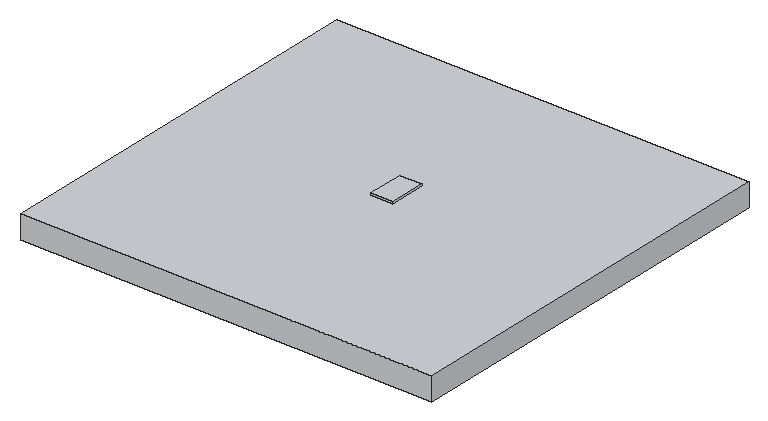
Revit family "3d6122cfb8c344ec91bd7d2b613e762c", category Electrical Fixtures, host Face, Revit 2021
Family settings
  Host = Face
  Maintain Annotation Orientation = Yes
  Round Connector Dimension = Use Diameter
  Part Type = Normal
  OmniClass Number = 23.80.50.11.17
  OmniClass Title = Ground Fault Receptacles
  Seek Item ID = Split Wired Receptacle-0000-USA-ENU
  Cut with Voids When Loaded = No
  Shared = No
  Room Calculation Point = No
Parameters (values of type "Standard")
  Switch Voltage = 120 V
  Load Classification = Receptacle
  Load = 180 VA
  Default Elevation = 1' - 6"
  Assembly Code = ""
Reference planes (in)
  plane 1 "Center (Front/Back)": y = 0
  plane 2: z = 0
  plane 3 "Center (Left/Right)": x = 0
  plane 4: x = -1.375
  plane 5: x = 1.375
  plane 6: x = -0.75
  plane 7: x = 0.75
  plane 8: y = 2.25
  plane 9: y = -2.25
  plane 10: y = 1.5
  plane 11: y = -1.5
  plane 12 "level above": z = 0.1875
  plane 13 "level below": z = -2.125
Forms (in)
  Extrusion 1, solid
    sketch origin (0, 0, 0) x (1, 0, 0) y (0, 1, 0)
      loop
        line (-25.375, 22.5) -> (-25.375, -26.25) -> (25.375, -26.25) -> (25.375, 22.5) -> (-25.375, 22.5)
    from 0 to -2.86111
  Extrusion 2, solid
    sketch origin (0, 0, 0) x (1, 0, 0) y (0, 1, 0)
      loop
        line (-1.375, 2.25) -> (-1.375, -2.25) -> (1.375, -2.25) -> (1.375, 2.25) -> (-1.375, 2.25)
    from 0 to 0.1875
  Extrusion 3, solid
    sketch origin (0, 0, 0) x (1, 0, 0) y (0, 1, 0)
      loop
        line (-0.75, 1.5) -> (-0.75, -1.5) -> (0.75, -1.5) -> (0.75, 1.5) -> (-0.75, 1.5)
    from 0 to -2.125
Lines and regions (in)
  symbolic lines, detail levels fine
    curve 1: line (1.375, 0, 0) -> (-1.375, 0, 0)
    curve 2: line (1.375, 0, 0.1875) -> (1.375, 0, 0)
    curve 3: line (-1.375, 0, 0.1875) -> (1.375, 0, 0.1875)
    curve 4: line (-1.375, 0, 0) -> (-1.375, 0, 0.1875)
    curve 5: line (0.75, 0, -2.125) -> (-0.75, 0, -2.125)
    curve 6: line (0.75, 0, 0) -> (0.75, 0, -2.125)
    curve 7: line (-0.75, 0, -2.125) -> (-0.75, 0, 0)
Dimensions and locks (in)
  equal spacing: plane 6, plane 3 "Center (Left/Right)", plane 7, locked at 0.75 each
  locked: plane 6 to plane 7 at 1.5
  equal spacing: plane 4, plane 3 "Center (Left/Right)", plane 5, locked at 1.375 each
  locked: plane 4 to plane 5 at 2.75
  locked: plane 8 to plane 9 at 4.5
  locked: plane 12 "level above" to level at 0.1875
  locked: level to plane 13 "level below" at 2.125
  locked: plane 10 to plane 11 at 3
  equal spacing: plane 10, plane 1 "Center (Front/Back)", plane 11, locked at 1.5 each
  equal spacing: plane 8, plane 1 "Center (Front/Back)", plane 9, locked at 2.25 each
  aligned and locked: plane 2 to Extrusion 1
  aligned and locked: level to Extrusion 1
  aligned and locked: plane 8 to Extrusion 2
  aligned and locked: Extrusion 2 to plane 9
  aligned and locked: plane 5 to Extrusion 2
  aligned and locked: Extrusion 2 to plane 4
  aligned and locked: Extrusion 2 to level
  aligned and locked: plane 12 "level above" to Extrusion 2
  aligned and locked: plane 10 to Extrusion 3
  aligned and locked: Extrusion 3 to plane 6
  aligned and locked: plane 7 to Extrusion 3
  aligned and locked: Extrusion 3 to plane 11
  aligned and locked: Extrusion 3 to level
  aligned and locked: Extrusion 3 to plane 13 "level below"
  aligned and locked: curve 4 to plane 4
  aligned and locked: plane 5 to curve 2
  aligned and locked: curve 3 to plane 12 "level above"
  aligned and locked: plane 2 to curve 1
  aligned and locked: curve 7 to plane 6
  aligned and locked: plane 7 to curve 6
  aligned and locked: plane 13 "level below" to curve 5
  aligned and locked: plane 1 "Center (Front/Back)" to nested 1
  aligned and locked: plane 3 "Center (Left/Right)" to nested 1
Automatic sketch dimensions
  Extrusion 2 sketch curve to plane 4 = 0' - 0"
  Extrusion 2 sketch curve to plane 5 = 0' - 0"
  Extrusion 2 sketch curve to plane 9 = 0' - 0"
  Extrusion 2 sketch curve to plane 8 = 0' - 0"
  Extrusion 3 sketch curve to plane 6 = 0' - 0"
  Extrusion 3 sketch curve to plane 7 = 0' - 0"
  Extrusion 3 sketch curve to plane 11 = 0' - 0"
  Extrusion 3 sketch curve to plane 10 = 0' - 0"
  Extrusion 1 sketch curve to Extrusion 1 sketch curve = 4' - 2 3/4"
  Extrusion 1 sketch curve to Extrusion 1 sketch curve = 4' - 0 3/4"
Nested families (in)
  nested 1: "Receptacle Annotation 2" at (0, 0, 0), type "Receptacle Annotation 2", detail levels coarse+medium
Connectors (in)
  electrical at (0, 1.5, -1.0625), driven by "Switch Voltage", driven by "Load", driven by "Load Classification"
    settings: on Extrusion 3, index 1, voltage 120 V, apparent load 0 VA, apparent load phase1 180 VA, apparent load phase2 0 VA, apparent load phase3 0 VA, power factor 1, load classification "Receptacle", number of poles 1, system type 31, power factor state 1, is connector primary yes, connector utility no, sub classification motor no, connector description ""
Definition of nested family "Receptacle Annotation 2"
  Parameters
    Label Annotation = ""
  Reference planes (in)
    plane 1: y = 0
    plane 2: x = 0
  Lines and regions (in)
    Filled region 1, type "Filled region 1"
      outline origin (0, 0, 0) x (1, 0, 0) y (0, 1, 0)
        loop
          arc (-0.01562, 0.18552) -> (-0.0625, 0.125) -> (-0.01563, 0.06448) r 0.0625
          line (-0.01563, 0.06448) -> (-0.01562, 0.18552)
    reference lines
      curve 1: line (-0.56423, 0.125, 0) -> (0.61164, 0.125, 0)
    detail lines
      curve 2: circle (0, 0.125, 0) r 0.0625 normal (0, 0, 1)
      curve 3: line (-0.01562, 0.18552, 0) -> (-0.01562, 0, 0)
      curve 4: line (0.01563, 0.18552, 0) -> (0.01563, 0, 0)
  Dimensions and locks (in)
    locked: plane 1 to curve 1 at 0.125
    locked: curve 3 to plane 2 at 0.01562
    locked: plane 2 to curve 4 at 0.01563
    radius of curve 2 = 0' - 0 1/16"
    aligned and locked: curve 1 to curve 2
    aligned and locked: plane 2 to curve 2
    aligned and locked: plane 1 to curve 4
